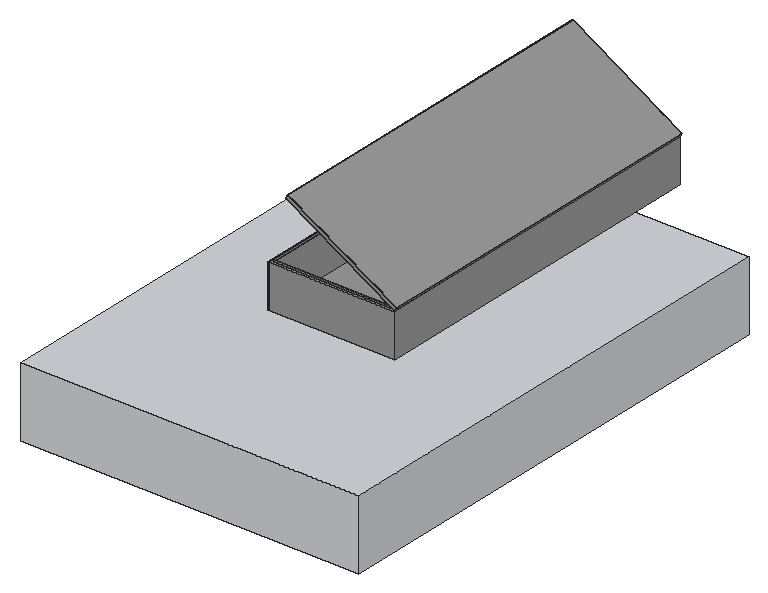
Revit family "Hager-Univers-IP54-D205-H1550-Cl.I-Encl-CH-en", category Equipement électrique, Revit 2020
Family settings
  Hôte = Face
  Configuration du panneau = Deux colonnes, circuits au sein
  Cote de connecteur circulaire = Utiliser le diamètre
  Type d'élément = Tableau de raccordement
  Couper avec des vides une fois chargée = Non
  Partagée = Non
  Point de calcul de pièce = Non
Parameters (values of type "Surface mounted (plaster) IP54 W550 H1550 D205  - FP02TW2")
  Width Control [instance] = if([EF000008 - Width] > Min Width, [EF000008 - Width], Min Width)  # 550 mm
  Commentaires du type = [HG000003 - Range]  # "Univers"
  Thickness Door [instance] = if([EF009171 - Material plate thickness door/cover] > 3 mm, 3 mm, [EF009171 - Material plate thickness door/cover])  # 1 mm
  Seal Frame Offset [instance] = 17 mm  # constant formula
  Plinth Visibility [instance] = [HG000027 - Plinth height] > 0 mm  # no
  Model = ""
  Min Width [instance] = 100 mm  # constant formula
  Min Height [instance] = 100 mm  # constant formula
  Min Depth [instance] = (2 * [EF009170 - Material plate thickness cabinet]) + 1 mm  # 3 mm
  Internal Frame Depth [instance] = (Door System Depth * 0.5)  # 9 mm
  Height Control [instance] = if([EF000040 - Height] > Min Height, [EF000040 - Height], Min Height)  # 1550 mm
  HG000027 - Plinth height = 0 mm
  HG000026 - Floor standing = no
  HG000024 - Bottom section height = 800 mm
  HG000023 - Double section enclosure = no
  HG000016 - Door 3d visibility [instance] = yes
  HG000015 - Clearance visibility [instance] = no
  HG000014 - Door on the right [instance] = yes
  HG000013 - Door on the left [instance] = not([HG000014 - Door on the right])  # no
  HG000012 - Door swing angle [instance] = 30.00°
  HG000010 - Asymmetric doors = no
  HG000009 - Double swing door = no
  HG000006 - Flush mounted = no
  HG000004 - Manufacturer reference = "FP02TW2"
  HG000003 - Range = "Univers"
  HG000002 - With door or cover = yes
  Frame Offset Bottom [instance] = 10 mm  # constant formula
  Frame Offset [instance] = 15 mm  # constant formula
  EF015940 - Cover with overpressure release = no
  EF011959 - Degree of protection (NEMA) = ""
  EF009554 - Number of openings for flange plates = 4
  EF009212 - Cover model = "EV000116 - Closed"
  EF009171 - Material plate thickness door/cover = 1 mm
  EF009170 - Material plate thickness cabinet = 1 mm
  Fabricant = "Hager"  # constant formula
  EF008873 - Nominal current (In) = 250 A
  EF007800 - Suitable for lightning protection = no
  EF006306 - With lock = no
  EF006244 - Transparent cover/door = no
  EF005474 - Degree of protection (IP) = "EV006419 - IP54"
  EF004464 - Type of door = "EV002646 - Single"
  EF004427 - Number of modules = 240
  EF004293 - Impact strength = "EV006815 - IK09"
  EF003532 - Suitable for outdoor use = no
  EF002950 - Width in number of modular spacings = 24
  EF001613 - Circuit integrity = "EV000494 - None"
  EF001596 - Material housing = "EV000179 - Steel"
  EF001131 - Internal depth = 205 mm
  EF001088 - Extension possible = yes
  EF000437 - Number of conduit inlets = 4
  EF000339 - Type of cover = "EV001012 - Cover"
  EF000266 - Number of rows = 10
  EF000218 - Built-in depth = 205 mm
  EF000118 - With mounting plate = no
  EF000116 - RAL-number = "9010"
  EF000049 - Depth = 205 mm
  EF000040 - Height = 1550 mm
  EF000008 - Width = 550 mm
  EF000007 - Colour = "EV000202 - White"
  EF000003 - Mounting method = "EV000384 - Surface mounted (plaster)"
  Door System Leaf Tolerance [instance] = 1.5 mm  # constant formula
  Door System Depth [instance] = 18 mm  # constant formula
  Door Height [instance] = Height Control - [HG000027 - Plinth height]  # 1550 mm
  Depth Control [instance] = if([EF000049 - Depth] > Min Depth, [EF000049 - Depth], Min Depth)  # 205 mm
  Default Elevation = 0 mm
  Connector Offset [instance] = Height Control / 2  # 775 mm
  Bottom Top Plate Trim [instance] = 1.5 mm  # constant formula
  Plinth height Ctrl [instance] = if([HG000027 - Plinth height] > 0 mm, [HG000027 - Plinth height], 12 mm)  # 12 mm
Types (2, lengths in mm): name | Width Control | HG000004 - Manufacturer reference | EF009554 - Number of openings for flange plates | EF004427 - Number of modules | EF002950 - Width in number of modular spacings | EF000437 - Number of conduit inlets | EF000008 - Width
  Surface mounted (plaster) IP54 W300 H1550 D205  - FP01TW2 | 300 | "FP01TW2" | 2 | 120 | 12 | 2 | 300
  Surface mounted (plaster) IP54 W550 H1550 D205  - FP02TW2 | 550 | "FP02TW2" | 4 | 240 | 24 | 4 | 550
Reference planes
  plane 1 "Center (Front/Back)": y = 0
  plane 2: z = 0
  plane 3 "Center (Left/Right)": x = 0
  plane 4: z = 205
  plane 5: y = 1
  plane 6: y = 775
  plane 7: y = 0
  plane 8: y = 1550
  plane 9: z = 0
  plane 10: x = -260
  plane 11: x = 260
  plane 12: x = 259
  plane 13: x = -259
  plane 14: y = 1549
  plane 15: x = -258
  plane 16: x = -275
  plane 17: x = 258
  plane 18: x = 275
  plane 19: x = 274
  plane 20: x = -274
  plane 21: y = 11
  plane 22: y = 1550
  plane 23: y = 1534
  plane 24: z = 187
  plane 25: z = 1
  plane 26: z = 186
  plane 27: z = 204
Forms (mm)
  Extrusion 1, solid
    sketch origin (0, 0, 0) x (1, 0, 0) y (0, 1, 0)
      loop
        line (-702.964, 1305) -> (-702.964, -811.445) -> (766.763, -811.445) -> (766.763, 1305) -> (-702.964, 1305)
    from 0 to -304.8
  Extrusion 2, solid, material "Hager_Steel_RAL7035_Light_Grey", visible <- "Plinth Visibility", detail levels medium+fine
    sketch origin (0, 0, 0) x (1, 0, 0) y (0, 1, 0)
      loop
        line (-275, 0) -> (275, 0) -> (275, 12) -> (-275, 12) -> (-275, 0)
    from 0 to 187
  Extrusion 3, solid, material "Hager_Steel_RAL7035_Light_Grey", detail levels medium+fine
    sketch origin (0, 0, 0) x (1, 0, 0) y (0, 1, 0)
      loop
        line (-275, 0) -> (275, 0) -> (275, 1550) -> (-275, 1550) -> (-275, 0)
    from 0 to 187
  Extrusion 4, void
    sketch origin (0, 0, 0) x (1, 0, 0) y (0, 1, 0)
      loop
        line (-274, 1) -> (274, 1) -> (274, 1549) -> (-274, 1549) -> (-274, 1)
    from 1 to 186
  Extrusion 5, void
    sketch origin (-381.607, -4572, 187) x (0, -1, 0) y (-1, 0, 0)
      loop
        line (-4583, -122.607) -> (-6106, -122.607) -> (-6106, -640.607) -> (-4583, -640.607) -> (-4583, -122.607)
    from 0 to 1 <- "EF009170 - Material plate thickness cabinet"
  Extrusion 6, solid, material "Hager_Steel_RAL7035_Light_Grey", detail levels fine
    sketch origin (0, 0, 187) x (1, 0, 0) y (0, 1, 0)
      loop
        line (-259, 1534) -> (-259, 11) -> (259, 11) -> (259, 1534) -> (-259, 1534)
      loop
        line (-260, 10) -> (260, 10) -> (260, 1535) -> (-260, 1535) -> (-260, 10)
    from 0 to 9 <- "Internal Frame Depth"
  Extrusion 7, solid, material "Hager_Steel_RAL7035_Light_Grey", detail levels coarse
    sketch origin (0, 0, 0) x (1, 0, 0) y (0, 1, 0)
      loop
        line (-275, 0) -> (275, 0) -> (275, 1550) -> (-275, 1550) -> (-275, 0)
    from 0 to 205
  Sweep 8, void
    path in 3D
      loop
        line (-275, 12, 0) -> (275, 12, 0) -> (275, 12, 187) -> (-275, 12, 187) -> (-275, 12, 0)
    profile origin (-275, 12, 93.5) x (-1, 0, 0) y (0, -1, 0)
      loop
        line (0, 0) -> (0, 1.5) -> (-1.5, 1.5)
        arc (-1.5, 1.5) -> (-1.061, 0.439) -> (0, 0) r 1.5
Cuts and joins
  Extrusion 4, Extrusion 5 cuts Extrusion 3
  Sweep 8 cuts Extrusion 2
Lines and regions (mm)
  Masking region 1
    outline origin (0, 0, 0) x (1, 0, 0) y (0, 0, 1)
      loop
        line (-275, 205) -> (-275, 0) -> (275, 0) -> (275, 205) -> (-275, 205)
  Masking region 2, detail levels medium+fine
    outline origin (0, 140, 0) x (0, 1, 0) y (0, 0, 1)
      loop
        line (-140, 0) -> (1410, 0) -> (1410, 187) -> (-140, 187) -> (-140, 0)
  Masking region 3, not visible, detail levels medium+fine
    outline origin (0, 297.922, 0) x (0, 1, 0) y (0, 0, 1)
      loop
        line (488.578, 0) -> (528.578, 0) -> (528.578, 194)
        arc (528.578, 194) -> (525.649, 201.071) -> (518.578, 204) r 10
        line (518.578, 204) -> (488.578, 204) -> (488.578, 0)
  Masking region 4, detail levels coarse
    outline origin (0, 0, 180) x (0, 1, 0) y (0, 0, 1)
      loop
        line (0, -180) -> (1550, -180) -> (1550, 25) -> (0, 25) -> (0, -180)
  Masking region 5, visible <- "Plinth Visibility", detail levels medium+fine
    outline origin (0, 52.24, 12.345) x (0, 0, -1) y (0, 1, 0)
      loop
        line (10.845, -40.24) -> (-173.155, -40.24)
        arc (-173.155, -40.24) -> (-173.594, -41.301) -> (-174.655, -41.74) r 1.5
        line (-174.655, -41.74) -> (-174.655, -52.24) -> (12.345, -52.24) -> (12.345, -41.74)
        arc (12.345, -41.74) -> (11.285, -41.301) -> (10.845, -40.24) r 1.5
  Masking region 6, detail levels medium+fine
    outline origin (-381.607, -4572, 187) x (-1, 0, 0) y (0, -1, 0)
      loop
        line (-106.607, -6122) -> (-106.607, -4572) -> (-656.607, -4572) -> (-656.607, -6122) -> (-106.607, -6122)
  Masking region 7, visible <- "Plinth Visibility", detail levels medium+fine
    outline origin (-381.607, -4727, 187) x (-1, 0, 0) y (0, -1, 0)
      loop
        arc (-108.107, -4739) -> (-107.668, -4737.939) -> (-106.607, -4737.5) r 1.5
        line (-106.607, -4737.5) -> (-106.607, -4727) -> (-656.607, -4727) -> (-656.607, -4737.5)
        arc (-656.607, -4737.5) -> (-655.546, -4737.939) -> (-655.107, -4739) r 1.5
        line (-655.107, -4739) -> (-108.107, -4739)
  Masking region 8, detail levels coarse
    outline origin (-442.548, -4669.526, 187) x (-1, 0, 0) y (0, -1, 0)
      loop
        line (-167.548, -6219.526) -> (-167.548, -4669.526) -> (-717.548, -4669.526) -> (-717.548, -6219.526) -> (-167.548, -6219.526)
  sketch lines
    curve 1: line (-275, 12, 187) -> (-275, 12, 0)
    curve 2: line (275, 12, 187) -> (-275, 12, 187)
    curve 3: line (275, 12, 187) -> (275, 12, 0)
    curve 4: line (-275, 12, 0) -> (275, 12, 0)
Dimensions and locks
  "Depth Control": plane 4 to Extrusion 1
  "HG000027 - Plinth height": plane 1 "Center (Front/Back)" to plane 7
  "EF009170 - Material plate thickness cabinet": plane 5 to plane 7
  locked: connector elem to plane 3 "Center (Left/Right)"
  equal spacing: plane 8, plane 6, plane 7
  locked: connector elem to plane 6
  "EF009170 - Material plate thickness cabinet": plane 8 to plane 14
  "EF009170 - Material plate thickness cabinet": plane 10 to plane 13
  "EF009170 - Material plate thickness cabinet": plane 12 to plane 11
  "Frame Offset": plane 20 to plane 13
  "Frame Offset": plane 12 to plane 19
  "EF009170 - Material plate thickness cabinet": plane 16 to plane 20
  "EF009170 - Material plate thickness cabinet": plane 19 to plane 18
  "Seal Frame Offset": plane 16 to plane 15
  "Seal Frame Offset": plane 17 to plane 18
  "Frame Offset Bottom": plane 21 to plane 5
  "Frame Offset": plane 14 to plane 23
  equal spacing: plane 16, plane 3 "Center (Left/Right)", plane 18
  "Width Control": plane 16 to plane 18
  "EF009170 - Material plate thickness cabinet": plane 4 to plane 27
  "EF009170 - Material plate thickness cabinet": plane 24 to plane 26
  "EF009170 - Material plate thickness cabinet": plane 25 to level
  "Door System Depth": plane 4 to plane 24
  "Height Control": plane 1 "Center (Front/Back)" to Extrusion 7 sketch curve
  "Height Control": Masking region 4 sketch curve to plane 1 "Center (Front/Back)"
  "Height Control": plane 1 "Center (Front/Back)" to plane 22
  "Bottom Top Plate Trim": profile plane to Sweep 8 sketch curve
  "Bottom Top Plate Trim": Sweep 8 sketch curve to profile plane
  "Plinth height Ctrl": plane 1 "Center (Front/Back)" to Extrusion 2 sketch curve
  "Plinth height Ctrl": Masking region 5 sketch curve to plane 1 "Center (Front/Back)"
  "Plinth height Ctrl": plane 1 "Center (Front/Back)" to Masking region 7 sketch curve
  "Thickness Door": Extrusion 6 sketch curve to Extrusion 6 sketch curve  (x3)
  "Thickness Door": cut or joined group of Extrusion 3, Extrusion 4, Extrusion 5 to Extrusion 6 sketch curve
  radius of Masking region 3 sketch curve = 10 mm
  "Bottom Top Plate Trim": radius of Masking region 5 sketch curve  (x2)
  "Bottom Top Plate Trim": radius of Sweep 8 sketch curve
  "Bottom Top Plate Trim": radius of Masking region 7 sketch curve  (x2)
  aligned and locked: plane 2 to Extrusion 1
  aligned and locked: level to Extrusion 1
  aligned and locked: level to Masking region 1 sketch curve
  aligned and locked: Masking region 1 sketch curve to plane 18
  aligned and locked: Masking region 1 sketch curve to plane 16
  aligned and locked: plane 7 to Masking region 2 sketch curve
  aligned and locked: level to Masking region 3 sketch curve
  aligned and locked: Masking region 3 sketch curve to plane 27
  aligned and locked: level to Masking region 2 sketch curve
  aligned and locked: plane 1 "Center (Front/Back)" to Extrusion 2 sketch curve
  aligned and locked: Extrusion 3 sketch curve to plane 7
  aligned and locked: plane 16 to Extrusion 3 sketch curve
  aligned and locked: plane 18 to Extrusion 3 sketch curve
  aligned and locked: plane 20 to Extrusion 4 sketch curve
  aligned and locked: plane 19 to Extrusion 4 sketch curve
  aligned and locked: Extrusion 4 sketch curve to plane 5
  aligned and locked: Extrusion 4 to plane 25
  aligned and locked: plane 26 to Extrusion 4
  aligned and locked: plane 24 to Extrusion 3
  aligned and locked: Extrusion 5 sketch curve to plane 21
  aligned and locked: Extrusion 5 sketch curve to plane 13
  aligned and locked: Extrusion 5 sketch curve to plane 12
  aligned and locked: plane 18 to Extrusion 7 sketch curve
  aligned and locked: plane 1 "Center (Front/Back)" to Extrusion 7 sketch curve
  aligned and locked: plane 16 to Extrusion 7 sketch curve
  aligned and locked: plane 4 to Extrusion 7
  aligned and locked: Extrusion 7 to level
  aligned and locked: level to Masking region 4 sketch curve
  aligned and locked: Masking region 4 sketch curve to plane 1 "Center (Front/Back)"
  aligned and locked: Masking region 4 sketch curve to plane 4
  aligned and locked: nested 1 to level
  aligned and locked: nested 1 to plane 16
  aligned and locked: plane 8 to Extrusion 3 sketch curve
  aligned and locked: plane 23 to Extrusion 5 sketch curve
  aligned and locked: plane 14 to Extrusion 4 sketch curve
  aligned and locked: Masking region 2 sketch curve to plane 8
  aligned and locked: level to Masking region 5 sketch curve
  aligned and locked: plane 16 to Extrusion 2 sketch curve
  aligned and locked: plane 18 to Extrusion 2 sketch curve
  aligned and locked: Masking region 5 sketch curve to plane 24
  aligned and locked: Masking region 2 sketch curve to plane 24
  aligned and locked: plane 24 to Extrusion 2
  aligned and locked: profile plane to Sweep 8 sketch curve  (x2)
  aligned and locked: Masking region 6 sketch curve to plane 18
  aligned and locked: Masking region 6 sketch curve to plane 22
  aligned and locked: Masking region 6 sketch curve to plane 16
  aligned and locked: plane 8 to plane 22
  aligned and locked: plane 7 to Masking region 6 sketch curve
  aligned and locked: Masking region 7 sketch curve to plane 16
  aligned and locked: Masking region 7 sketch curve to plane 1 "Center (Front/Back)"
  aligned and locked: Masking region 7 sketch curve to plane 18
  aligned and locked: Masking region 8 sketch curve to plane 1 "Center (Front/Back)"
  aligned and locked: Masking region 8 sketch curve to plane 18
  aligned and locked: Masking region 8 sketch curve to plane 22
  aligned and locked: Masking region 8 sketch curve to plane 16
  aligned and locked: nested 2 to plane 7
  aligned and locked: plane 3 "Center (Left/Right)" to nested 2
  aligned and locked: nested 2 to plane 24
  aligned and locked: Extrusion 6 sketch curve to cut or joined group of Extrusion 3, Extrusion 4, Extrusion 5  (x4)
Automatic sketch dimensions
  Extrusion 1 sketch curve to Extrusion 1 sketch curve = 1469.727 mm
  Extrusion 1 sketch curve to Extrusion 1 sketch curve = 2116.445 mm
  Masking region 1 sketch curve to plane 4 = 0 mm
  plane 6 to Masking region 3 sketch curve = 11.5 mm
  Masking region 3 sketch curve to Masking region 3 sketch curve = 30 mm
  Masking region 5 sketch curve to plane 1 "Center (Front/Back)" = 0 mm
Nested families
  nested 1: "Hager_Enclosure_Symbol" at (-275, 0, 0) x (1, 0, 0) z (0, -1, 0), Height <- "Depth Control", Width <- "Width Control", type "Hager_Enclosure_Symbol"
    with Width_Ctrl 550 mm, Width 550 mm, Height_Ctrl 205 mm, Height 205 mm, A_Width_Int 13.453 mm, A_Width 161.438 mm, A_Height_Ctrl 179.375 mm, A_Height 179.375 mm
  nested 2: "EC000058_Univers_Door" at (0, 0, 187) x (1, 0, 0) z (0, 1, 0), Leaf_Tolerance <- "Door System Leaf Tolerance", Angle <- "HG000012 - Door swing angle", Door_Depth <- "Door System Depth", Door_Left <- "HG000013 - Door on the left", Transparent <- "EF006244 - Transparent cover/door", Assymetrical <- "HG000010 - Asymmetric doors", Width <- "Width Control", Clearance <- "HG000015 - Clearance visibility", Double <- "HG000009 - Double swing door", 3d_Door <- "HG000016 - Door 3d visibility", Lock_Visibility <- "EF006306 - With lock", Width_Ctrl <- "Width Control", Door_Right <- "HG000014 - Door on the right", Door <- "HG000002 - With door or cover", Height <- "Door Height", Thickness <- "Thickness Door", type "EC000058_Univers_Door", detail levels medium+fine
    with min_wh 3 mm, Width_Ctrl 550 mm, Width 550 mm, Transparent no, Thickness 1 mm, Seal_Material Hager_Rubber, Lock_Visibility no, Lock_Material Hager_Plastic_RAL9005_Jet_Black, Leaf_Width 550 mm, Leaf_Tolerance_External_Sides 0 mm, Leaf_Tolerance 1.5 mm, Leaf_Offset 0 mm, Leaf_Height 1547 mm, Leaf_2_Width 550 mm, Leaf_2_Offset 275 mm, Leaf_1_Width 550 mm, Leaf_1_Offset 275 mm, Height_Ctrl 1550 mm, Height 1550 mm, Glass_Material Hager_Glass, Double_Clearance_Ctrl no, Double no, Door_Right_Ctrl yes, Door_Right yes, Door_Material Hager_Steel_RAL7035_Light_Grey, Door_Left_Ctrl no, Door_Left no, Door_Depth 18 mm, Door yes, Clearance_Material Hager_Clearance, Clearance_Depth 550 mm, Clearance_Ctrl no, Clearance no, Assymetrical no, Angle 30.00°, 3d_Door yes
Connectors
  electrical at (0, 775, 0)
    settings: on plane 9, index 1, voltage 0 V, apparent load 0 VA, apparent load phase1 0 VA, apparent load phase2 0 VA, apparent load phase3 0 VA, power factor 1, load classification "Other", number of poles 1, system type 30, power factor state 1, is connector primary yes, connector utility no, sub classification motor no, connector description ""
Definition of nested family "EC000058_Univers_Door"
  Parameters (values of type "EC000058_Univers_Door")
    min_wh [instance] = (2 * Thickness) + 1 mm  # 11 mm
    Width_Ctrl [instance] = 400 mm
    Width [instance] = 500 mm
    Transparent [instance] = yes
    Thickness [instance] = 5 mm
    Seal_Material [instance] = none
    Lock_Visibility [instance] = yes
    Lock_Material [instance] = none
    Leaf_Width [instance] = if((Width_Ctrl - 2 * Leaf_Tolerance_External_Sides) > 0 mm, (Width_Ctrl - 2 * Leaf_Tolerance_External_Sides), min_wh)  # 400 mm
    Leaf_Tolerance_External_Sides [instance] = 0 mm  # constant formula
    Leaf_Tolerance [instance] = 1.5 mm
    Leaf_Offset [instance] = 0 mm  # constant formula
    Leaf_Height [instance] = if((Height_Ctrl - 2 * Leaf_Tolerance) > 0 mm, (Height_Ctrl - 2 * Leaf_Tolerance), min_wh)  # 497 mm
    Leaf_2_Width [instance] = if(and(and(Double, Assymetrical), Door_Left), (Leaf_Width / 3) - (Leaf_Tolerance / 2), if(and(and(Double, Assymetrical), Door_Right), (Leaf_Width / 3) * 2 - (Leaf_Tolerance / 2), if(and(Double, not(Assymetrical)), (Leaf_Width / 2) - Leaf_Tolerance, Leaf_Width)))  # 400 mm
    Leaf_2_Offset [instance] = if(and(Double, Assymetrical), Leaf_2_Width / 2, if(and(Double, not(Assymetrical)), Leaf_Width / 4, Leaf_Width / 2))  # 200 mm
    Leaf_1_Width [instance] = if(and(and(Double, Assymetrical), Door_Right), (Leaf_Width / 3) - (Leaf_Tolerance / 2), if(and(and(Double, Assymetrical), Door_Left), (Width / 3) * 2 - (Leaf_Tolerance / 2), if(and(Double, not(Assymetrical)), (Leaf_Width / 2) - Leaf_Tolerance, Leaf_Width)))  # 400 mm
    Leaf_1_Offset [instance] = if(and(Double, Assymetrical), Leaf_1_Width / 2, if(and(Double, not(Assymetrical)), Leaf_Width / 4, Leaf_Width / 2))  # 200 mm
    Height_Ctrl [instance] = if(Height > min_wh, Height, min_wh)  # 500 mm
    Height [instance] = 500 mm
    Glass_Material [instance] = none
    Double_Clearance_Ctrl [instance] = and(Double, Clearance)  # no
    Double [instance] = no
    Door_Right_Ctrl [instance] = and(or(Door_Right, Double), Door)  # yes
    Door_Right [instance] = yes
    Door_Material [instance] = none
    Door_Left_Ctrl [instance] = and(or(Door_Left, Double), Door)  # no
    Door_Left [instance] = no
    Door_Depth [instance] = 30 mm
    Door [instance] = yes
    Default Elevation = 1219.2 mm
    Clearance_Material [instance] = none
    Clearance_Depth [instance] = if(Leaf_1_Width > Leaf_2_Width, Leaf_1_Width, Leaf_2_Width)  # 400 mm
    Clearance_Ctrl [instance] = and(not(Double), Clearance)  # yes
    Clearance [instance] = yes
    Assymetrical [instance] = yes
    Angle [instance] = 30.00°
    3d_Door [instance] = yes
  Reference planes
    plane 1 "Center (Front/Back)": y = 0
    plane 2 "Bottom": z = 0
    plane 3 "Center (Left/Right)": x = 0
    plane 4: z = 500
    plane 5: x = -200
    plane 6: x = 200
    plane 7: z = 500
    plane 8: x = -200
    plane 9: z = 0
    plane 10: x = 200
    plane 11: y = 0
    plane 12: z = 1.5
    plane 13: x = -600
    plane 14: y = -400
    plane 15: x = 600
    plane 16: x = 0
    plane 17: x = 0
    plane 18: x = -200
    plane 19: x = 200
    plane 20: z = 498.5
  Forms (mm)
    Extrusion 1, solid, material <- "Clearance_Material", visible <- "Double_Clearance_Ctrl"
      sketch origin (1200, 0, 0) x (1, 0, 0) y (0, 0, -1)
        loop
          line (-1800, -498.5) -> (-600, -498.5) -> (-600, 0) -> (-1800, 0) -> (-1800, -498.5)
      from 0 to -400
  Dimensions and locks
    equal spacing: plane 5, plane 3 "Center (Left/Right)", plane 6
    "Width_Ctrl": plane 5 to plane 6
    "Leaf_Offset": plane 5 to plane 8
    "Leaf_Offset": plane 6 to plane 10
    "Leaf_Offset": plane 9 to level
    "Leaf_Offset": plane 4 to plane 7
    "Height_Ctrl": plane 4 to level
    "Leaf_Tolerance": plane 12 to plane 9
    locked: plane 11 to plane 1 "Center (Front/Back)"
    "Leaf_1_Offset": plane 18 to plane 16
    "Leaf_2_Offset": plane 17 to plane 19
    "Leaf_1_Width": plane 13 to plane 8
    "Leaf_2_Width": plane 10 to plane 15
    "Clearance_Depth": plane 14 to plane 1 "Center (Front/Back)"
    "Leaf_Tolerance_External_Sides": plane 8 to plane 18
    "Leaf_Tolerance_External_Sides": plane 19 to plane 10
    "Leaf_Tolerance": plane 7 to plane 20
    aligned and locked: level to plane 2 "Bottom"
    aligned and locked: nested 1 to plane 16
    aligned and locked: nested 2 to plane 17
    aligned and locked: Extrusion 1 to plane 13
    aligned and locked: plane 15 to Extrusion 1
    aligned and locked: Extrusion 1 to plane 14
    aligned and locked: plane 12 to nested 1
    aligned and locked: nested 2 to plane 12
    aligned and locked: Extrusion 1 to plane 11
    aligned and locked: plane 20 to Extrusion 1
    aligned and locked: nested 2 to plane 11
    aligned and locked: nested 1 to plane 11
  Automatic sketch dimensions
    Extrusion 1 sketch curve to level = 0 mm
    plane 5 to Extrusion 1 sketch curve = 400 mm
    plane 6 to Extrusion 1 sketch curve = 400 mm
    Extrusion 1 sketch curve to plane 4 = 1.5 mm
  Nested families
    nested 1: "EC000058_Univers_Door_Leaf" at (0, 0, 1.5), Width <- "Leaf_1_Width", visible <- "Door_Left_Ctrl", Leaf_Height <- "Leaf_Height", Angle <- "Angle", 3d_Door <- "3d_Door", Transparent <- "Transparent", Clearance Material <- "Clearance_Material", Clearance <- "Clearance_Ctrl", Door_Material <- "Door_Material", Glass_Material <- "Glass_Material", Door_Depth <- "Door_Depth", Lock_Material <- "Lock_Material", Seal_Material <- "Seal_Material", Lock_Visibility <- "Lock_Visibility", Thickness <- "Thickness", type "EC000058_Univers_Door_Leaf"
      with Width 400 mm, Transparent_Glass_Offset 30 mm, Transparent_Ctrl yes, Transparent yes, Thickness 5 mm, Standard no, Seal_Material none, Seal_D2 8 mm, Seal_D1 1 mm, Offset_Internal_Frame 10 mm, Lock_Width 20 mm, Lock_Visibility_3d yes, Lock_Visibility yes, Lock_Thickness_3 3 mm, Lock_Thickness_2 1 mm, Lock_Thickness_1 3 mm, Lock_Radius_Offset_2 16 mm, Lock_Radius_Offset_1 15 mm, Lock_Radius_2 5 mm, Lock_Radius 6 mm, Lock_Offset 5 mm, Lock_Material none, Lock_Height 80 mm, Lock_Cover_Top_Offset_2d 17 mm, Lock_Cover_Height -65 mm, Leaf_Height 497 mm, Internal_Seal_Thickness 8 mm, Internal_Seal_Depth_2 4.5 mm, Internal_Frame_Depth 25 mm, Glass_Thickness -1 mm, Glass_Offset -2 mm, Glass_Material none, Door_Material none, Door_Depth 30 mm, Clearance Material none, Clearance yes, Angle_Ctrl 30.00°, Angle 30.00°, 3d_Door yes
    nested 2: "EC000058_Univers_Door_Leaf" at (0, 0, 1.5) x (-1, 0, 0) z (0, 0, 1), Width <- "Leaf_2_Width", visible <- "Door_Right_Ctrl", Leaf_Height <- "Leaf_Height", Angle <- "Angle", 3d_Door <- "3d_Door", Transparent <- "Transparent", Clearance Material <- "Clearance_Material", Clearance <- "Clearance_Ctrl", Door_Material <- "Door_Material", Glass_Material <- "Glass_Material", Door_Depth <- "Door_Depth", Lock_Material <- "Lock_Material", Seal_Material <- "Seal_Material", Lock_Visibility <- "Lock_Visibility", Thickness <- "Thickness", type "EC000058_Univers_Door_Leaf"
      with Width 400 mm, Transparent_Glass_Offset 30 mm, Transparent_Ctrl yes, Transparent yes, Thickness 5 mm, Standard no, Seal_Material none, Seal_D2 8 mm, Seal_D1 1 mm, Offset_Internal_Frame 10 mm, Lock_Width 20 mm, Lock_Visibility_3d yes, Lock_Visibility yes, Lock_Thickness_3 3 mm, Lock_Thickness_2 1 mm, Lock_Thickness_1 3 mm, Lock_Radius_Offset_2 16 mm, Lock_Radius_Offset_1 15 mm, Lock_Radius_2 5 mm, Lock_Radius 6 mm, Lock_Offset 5 mm, Lock_Material none, Lock_Height 80 mm, Lock_Cover_Top_Offset_2d 17 mm, Lock_Cover_Height -65 mm, Leaf_Height 497 mm, Internal_Seal_Thickness 8 mm, Internal_Seal_Depth_2 4.5 mm, Internal_Frame_Depth 25 mm, Glass_Thickness -1 mm, Glass_Offset -2 mm, Glass_Material none, Door_Material none, Door_Depth 30 mm, Clearance Material none, Clearance yes, Angle_Ctrl 30.00°, Angle 30.00°, 3d_Door yes
  Definition of nested family "EC000058_Univers_Door_Leaf"
    Parameters (values of type "EC000058_Univers_Door_Leaf")
      Width [instance] = 2000 mm
      Transparent_Glass_Offset [instance] = 30 mm
      Transparent_Ctrl [instance] = and(Transparent, [3d_Door])  # yes
      Transparent [instance] = yes
      Thickness [instance] = 5 mm
      Standard [instance] = and(not(Transparent), [3d_Door])  # no
      Seal_Material [instance] = none
      Seal_D2 [instance] = 8 mm  # constant formula
      Seal_D1 [instance] = 1 mm  # constant formula
      Offset_Internal_Frame [instance] = 10 mm  # constant formula
      Lock_Width [instance] = 20 mm  # constant formula
      Lock_Visibility_3d [instance] = and(Lock_Visibility, [3d_Door])  # yes
      Lock_Visibility [instance] = yes
      Lock_Thickness_3 [instance] = 3 mm  # constant formula
      Lock_Thickness_2 [instance] = 1 mm  # constant formula
      Lock_Thickness_1 [instance] = 3 mm  # constant formula
      Lock_Radius_Offset_2 [instance] = Lock_Radius_Offset_1 + 1 mm  # 16 mm
      Lock_Radius_Offset_1 [instance] = 15 mm  # constant formula
      Lock_Radius_2 [instance] = Lock_Radius - 1 mm  # 5 mm
      Lock_Radius [instance] = 6 mm  # constant formula
      Lock_Offset [instance] = 5 mm  # constant formula
      Lock_Material [instance] = none
      Lock_Height [instance] = 80 mm  # constant formula
      Lock_Cover_Top_Offset_2d [instance] = Lock_Radius_Offset_2 + 1 mm  # 17 mm
      Lock_Cover_Height [instance] = -(Lock_Height - Lock_Radius_Offset_1)  # -65 mm
      Leaf_Height [instance] = 2720.336 mm
      Internal_Seal_Thickness [instance] = 8 mm  # constant formula
      Internal_Seal_Depth_2 [instance] = 4.5 mm  # constant formula
      Internal_Frame_Depth [instance] = if(Door_Depth - Thickness > 5 mm, Door_Depth - Thickness, 5 mm)  # 25 mm
      Glass_Thickness [instance] = if(Thickness > 15 mm, Glass_Offset + 10 mm, -1 mm)  # -1 mm
      Glass_Offset [instance] = if(Thickness > 15 mm, -(Thickness + 10 mm) / 2, -2 mm)  # -2 mm
      Glass_Material [instance] = none
      Door_Material [instance] = none
      Door_Depth [instance] = 30 mm
      Default Elevation = 0 mm
      Clearance Material [instance] = none
      Clearance [instance] = yes
      Angle_Ctrl [instance] = if(Angle > 180.00°, 180.00°, Angle)  # 90.00°
      Angle [instance] = 90.00°
      3d_Door [instance] = yes
    Reference planes
      plane 1 "Center (Front/Back)": y = 0
      plane 2: z = 0
      plane 3 "Center (Left/Right)": x = 0
      plane 4: y = 2000
      plane 5: x = -1000
      plane 6: x = 1000
      plane 7: x = -3000
      plane 8: z = 2720.336
      plane 9: z = 30
      plane 10: z = 2690.336
      plane 11: x = 970
      plane 12: x = -970
      plane 13: y = -3
      plane 14: z = 107.833
      plane 15: y = -5
      plane 16: y = -223.314
      plane 17: x = -1000
      plane 18: z = 1360.168
      plane 19: y = 30
    Forms (mm)
      Extrusion 1, solid, material <- "Clearance Material", visible <- "Clearance"
        sketch origin (0, 0, 0) x (1, 0, 0) y (0, 0, 1)
          loop
            line (-3000, 2720.336) -> (-3000, 0) -> (1000, 0) -> (1000, 2720.336) -> (-3000, 2720.336)
        from 0 to -2000
      Extrusion 2, solid, material <- "Door_Material", visible <- "Standard", detail levels medium+fine
        sketch origin (-1000, 0, 0) x (0, 1, 0) y (-1, 0, 0)
          loop
            line (0, 30) -> (0, 25) -> (2000, 25) -> (2000, 30) -> (0, 30)
        from 0 to 2720.336 <- "Leaf_Height"
      Extrusion 3, solid, material <- "Door_Material", visible <- "Transparent_Ctrl", detail levels medium+fine
        sketch origin (-1000, 0, 0) x (0, 1, 0) y (-1, 0, 0)
          loop
            line (0, 25) -> (2000, 25) -> (2000, 30) -> (0, 30) -> (0, 25)
        from 0 to 2720.336 <- "Leaf_Height"
      Extrusion 4, void
        sketch origin (-1025, 2000, 0) x (0, 1, 0) y (0, 0, -1)
          loop
            line (-30, -2690.336) -> (-30, -30) -> (-1970, -30) -> (-1970, -2690.336) -> (-30, -2690.336)
        from 0 to 5 <- "Thickness"
      Sweep 5, solid, material <- "Seal_Material", visible <- "Transparent_Ctrl", detail levels fine
        path in 3D
          loop
            line (-1025, 30, 30) -> (-1025, 30, 2690.336) -> (-1025, 1970, 2690.336) -> (-1025, 1970, 30) -> (-1025, 30, 30)
        profile origin (-1025, 1000, 30) x (1, 0, 0) y (0, 0, 1)
          loop
            line (0, 0) -> (0, -8) -> (1, -8) -> (1, 0) -> (0, 0)
      Extrusion 6, solid, material <- "Glass_Material", visible <- "Transparent_Ctrl", detail levels medium+fine
        sketch origin (-1030, 0, 0) x (0, 1, 0) y (0, 0, -1)
          loop
            line (1970, -2690.336) -> (1970, -30) -> (30, -30) -> (30, -2690.336) -> (1970, -2690.336)
        from -2 <- "Glass_Offset" to -1 <- "Glass_Thickness"
      Extrusion 7, solid, material <- "Door_Material", visible <- "3d_Door", detail levels medium+fine
        sketch origin (-1025, 2000, 0) x (0, -1, 0) y (0, 0, -1)
          loop
            line (0, -2720.336) -> (2000, -2720.336) -> (2000, 0) -> (0, 0) -> (0, -2720.336)
          loop
            line (1995, -5) -> (5, -5) -> (5, -2715.336) -> (1995, -2715.336) -> (1995, -5)
        from 0 to 25 <- "Internal_Frame_Depth"
      Sweep 8, solid, material <- "Seal_Material", visible <- "Transparent_Ctrl", detail levels fine
        path in 3D
          loop
            line (-1025, 0, 0) -> (-1025, 2000, 0) -> (-1025, 2000, 2720.336) -> (-1025, 0, 2720.336) -> (-1025, 0, 0)
        profile origin (-1025, 0, 1360.168) x (1, 0, 0) y (0, 1, 0)
          loop
            line (0, 10) -> (2.975, 10)
            arc (2.975, 10) -> (4.053, 10.447) -> (4.5, 11.525) r 1.525
            line (4.5, 11.525) -> (4.5, 16.527)
            arc (4.5, 16.527) -> (4.069, 17.569) -> (3.027, 18) r 1.473
            line (3.027, 18) -> (0, 18) -> (0, 10)
      Extrusion 9, solid, material <- "Lock_Material", visible <- "Lock_Visibility_3d", detail levels fine
        sketch origin (-1030, 0, 0) x (0, 1, 0) y (0, 0, -1)
          loop
            arc (1993.5, -1400.168) -> (1994.561, -1399.729) -> (1995, -1398.668) r 1.5
            line (1995, -1398.668) -> (1995, -1320.168) -> (1975, -1320.168) -> (1975, -1398.668)
            arc (1975, -1398.668) -> (1975.439, -1399.729) -> (1976.5, -1400.168) r 1.5
            line (1976.5, -1400.168) -> (1993.5, -1400.168)
        from 3 <- "Lock_Thickness_1" to 0
      Blend 10, solid, material <- "Lock_Material", visible <- "Lock_Visibility_3d", detail levels fine
        base sketch origin (-1033, 0, 0) x (0, 1, 0) y (0, 0, -1)
          loop
            line (1975, -1320.168) -> (1975, -1398.668)
            arc (1975, -1398.668) -> (1975.439, -1399.729) -> (1976.5, -1400.168) r 1.5
            line (1976.5, -1400.168) -> (1993.5, -1400.168)
            arc (1993.5, -1400.168) -> (1994.561, -1399.729) -> (1995, -1398.668) r 1.5
            line (1995, -1398.668) -> (1995, -1320.168) -> (1975, -1320.168)
        top sketch origin (-1033, 0, 0) x (0, 1, 0) y (0, 0, -1)
          loop
            line (1976, -1320.168) -> (1976, -1398.668)
            arc (1976, -1398.668) -> (1976.146, -1399.022) -> (1976.5, -1399.168) r 0.5
            line (1976.5, -1399.168) -> (1993.5, -1399.168)
            arc (1993.5, -1399.168) -> (1993.854, -1399.022) -> (1994, -1398.668) r 0.5
            line (1994, -1398.668) -> (1994, -1320.168) -> (1976, -1320.168)
        from 0 to 1 <- "Lock_Thickness_2"
      Blend 11, solid, material <- "Lock_Material", visible <- "Lock_Visibility_3d", detail levels fine
        base sketch origin (-1034, 0, 0) x (0, 1, 0) y (0, 0, -1)
          loop
            line (1978, -1320.168) -> (1978, -1384.168)
            arc (1978, -1384.168) -> (1985, -1391.168) -> (1992, -1384.168) r 7
            line (1992, -1384.168) -> (1992, -1320.168) -> (1978, -1320.168)
        top sketch origin (-1034, 0, 0) x (0, 1, 0) y (0, 0, -1)
          loop
            line (1991, -1320.168) -> (1979, -1320.168) -> (1979, -1383.168)
            arc (1979, -1383.168) -> (1985, -1389.168) -> (1991, -1383.168) r 6
            line (1991, -1383.168) -> (1991, -1320.168)
        from 0 to 3 <- "Lock_Thickness_3"
      Extrusion 12, solid, material <- "Lock_Material", visible <- "Lock_Visibility_3d", detail levels fine
        sketch origin (-1030, 1975, 1320.168) x (1, 0, 0) y (0, -1, 0)
          loop
            line (-7, -19) -> (-7, -1) -> (0, -1) -> (0, 0) -> (-8, 0) -> (-8, -20) -> (0, -20) -> (0, -19) -> (-7, -19)
        from 0 to -65 <- "Lock_Cover_Height"
      Extrusion 13, void
        sketch origin (-1038, 1995, 1320.168) x (-1, 0, 0) y (0, 0, -1)
          loop
            line (-5, -65) -> (0, -65) -> (-5, -60) -> (-5, -65)
        from 0 to 20 <- "Lock_Width"
      Extrusion 14, void
        sketch origin (-1038, 1975, 1320.168) x (0, -1, 0) y (0, 0, -1)
          loop
            circle (-10, -15.995) r 6
          loop
            circle (-10, -15.995) r 5
        from 0 to 2
      Extrusion 15, solid, material <- "Lock_Material", visible <- "Lock_Visibility_3d", detail levels medium
        sketch origin (-1030, 0, 0) x (0, 1, 0) y (0, 0, -1)
          loop
            arc (1993.5, -1400.168) -> (1994.561, -1399.729) -> (1995, -1398.668) r 1.5
            line (1995, -1398.668) -> (1995, -1320.168) -> (1975, -1320.168) -> (1975, -1398.668)
            arc (1975, -1398.668) -> (1975.439, -1399.729) -> (1976.5, -1400.168) r 1.5
            line (1976.5, -1400.168) -> (1993.5, -1400.168)
        from 8 to 0
    Cuts and joins
      Extrusion 4 cuts Extrusion 3
      Extrusion 13, Extrusion 14 cuts Extrusion 9
      Extrusion 14 cuts Blend 11
      Extrusion 13, Extrusion 14 cuts Extrusion 12
      joined: Extrusion 9, Blend 10, Blend 11, Extrusion 12
      Extrusion 14 cuts Extrusion 15
    Lines and regions (mm)
      Masking region 1, visible <- "Lock_Visibility", detail levels fine
        outline origin (0, 0, 0) x (0, 1, 0) y (0, 0, 1)
          loop
            line (30, 1320.168) -> (33, 1320.168) -> (33, 1400.168) -> (30, 1400.168) -> (30, 1320.168)
      Masking region 2, visible <- "Lock_Visibility", detail levels fine
        outline origin (0, 3.143, 0) x (0, 1, 0) y (0, 0, 1)
          loop
            line (29.857, 1354.168) -> (30.857, 1354.168) -> (30.857, 1366.168) -> (29.857, 1366.168) -> (29.857, 1354.168)
      Masking region 3, detail levels medium+fine
        outline origin (0, 0, 0) x (0, 1, 0) y (0, 0, 1)
          loop
            line (0, 0) -> (30, 0) -> (30, 2720.336) -> (0, 2720.336) -> (0, 0)
      Masking region 4, detail levels medium+fine
        outline origin (0, 0, 0) x (1, 0, 0) y (0, 0, 1)
          loop
            line (-1000, 2720.336) -> (-1000, 0) -> (1000, 0) -> (1000, 2720.336) -> (-1000, 2720.336)
      Masking region 5, visible <- "Lock_Visibility", detail levels fine
        outline origin (-47.116, 0, 0) x (1, 0, 0) y (0, 0, 1)
          loop
            arc (1024.616, 1399.168) -> (1023.556, 1398.729) -> (1023.116, 1397.668) r 1.5
            line (1023.116, 1397.668) -> (1023.116, 1320.168) -> (1041.116, 1320.168) -> (1041.116, 1397.668)
            arc (1041.116, 1397.668) -> (1040.677, 1398.729) -> (1039.616, 1399.168) r 1.5
            line (1039.616, 1399.168) -> (1024.616, 1399.168)
      Masking region 6, visible <- "Lock_Visibility", detail levels medium+fine
        outline origin (-25, 0, 0) x (1, 0, 0) y (0, 0, 1)
          loop
            arc (1001.5, 1400.168) -> (1000.439, 1399.729) -> (1000, 1398.668) r 1.5
            line (1000, 1398.668) -> (1000, 1320.168) -> (1020, 1320.168) -> (1020, 1398.668)
            arc (1020, 1398.668) -> (1019.561, 1399.729) -> (1018.5, 1400.168) r 1.5
            line (1018.5, 1400.168) -> (1001.5, 1400.168)
      Masking region 7, visible <- "Lock_Visibility", detail levels fine
        outline origin (-73.735, 0, 0) x (1, 0, 0) y (0, 0, 1)
          loop
            line (1051.735, 1382.168) -> (1065.735, 1382.168) -> (1065.735, 1384.168)
            arc (1065.735, 1384.168) -> (1058.735, 1391.168) -> (1051.735, 1384.168) r 7
            line (1051.735, 1384.168) -> (1051.735, 1382.168)
      Masking region 8, visible <- "Lock_Visibility", detail levels fine
        outline origin (-73.735, 0, 0) x (1, 0, 0) y (0, 0, 1)
          loop
            line (1052.735, 1382.168) -> (1064.735, 1382.168) -> (1064.735, 1383.168)
            arc (1064.735, 1383.168) -> (1058.735, 1389.168) -> (1052.735, 1383.168) r 6
            line (1052.735, 1383.168) -> (1052.735, 1382.168)
      Masking region 9, visible <- "Lock_Visibility", detail levels fine
        outline origin (-25, 0, 0) x (1, 0, 0) y (0, 0, 1)
          loop
            line (1020, 1320.168) -> (1020, 1382.168) -> (1000, 1382.168) -> (1000, 1320.168) -> (1020, 1320.168)
      Masking region 10, detail levels medium+fine
        outline origin (0, 0, 0) x (1, 0, 0) y (0, 0, 1)
          loop
            circle (985, 1335.144) r 6
      Masking region 11, detail levels fine
        outline origin (0, 0, 0) x (1, 0, 0) y (0, 0, 1)
          loop
            circle (985, 1335.144) r 5
      Masking region 12, visible <- "Lock_Visibility", detail levels fine
        outline origin (0, 12.767, 0) x (0, 1, 0) y (0, 0, 1)
          loop
            line (20.233, 1320.168) -> (21.233, 1320.168) -> (21.233, 1399.168) -> (20.233, 1400.168) -> (20.233, 1320.168)
      Masking region 13, visible <- "Lock_Visibility", detail levels fine
        outline origin (0, 13.767, -10) x (0, 1, 0) y (0, 0, 1)
          loop
            line (20.233, 1330.168) -> (23.233, 1330.168) -> (23.233, 1399.168) -> (20.233, 1402.168) -> (20.233, 1330.168)
      Masking region 14, visible <- "Lock_Visibility", detail levels fine
        outline origin (0, 12.767, -10) x (0, 1, 0) y (0, 0, 1)
          loop
            line (20.233, 1330.168) -> (25.233, 1330.168) -> (25.233, 1399.305) -> (20.233, 1394.305) -> (20.233, 1330.168)
      Masking region 15, visible <- "Lock_Visibility", detail levels medium
        outline origin (0, 0, 0) x (0, 1, 0) y (0, 0, 1)
          loop
            line (30, 1320.168) -> (38, 1320.168) -> (38, 1400.168) -> (30, 1400.168) -> (30, 1320.168)
      Masking region 16, visible <- "Lock_Visibility", detail levels fine
        outline origin (-1000, 0, 0) x (0, 1, 0) y (-1, 0, 0)
          loop
            line (1975, 30) -> (1995, 30) -> (1995, 38) -> (1975, 38) -> (1975, 30)
          loop
            line (1979, 37) -> (1976, 37) -> (1976, 34) -> (1978, 34) -> (1979, 37)
          loop
            line (1994, 37) -> (1991, 37) -> (1992, 34) -> (1994, 34) -> (1994, 37)
      Masking region 17, visible <- "Lock_Visibility", detail levels medium
        outline origin (-1000, 0, 0) x (0, 1, 0) y (-1, 0, 0)
          loop
            line (1975, 30) -> (1995, 30) -> (1995, 38) -> (1975, 38) -> (1975, 30)
      symbolic lines
        curve 1: line (1000, 0, 0) -> (-3000, 0, 0)
        curve 2: arc (1000, 0, 0) -> (-1000, 2000, 0) -> (-3000, 0, 0) r 2000
        curve 4: line (-1030, 0, 0) -> (-1030, 2000, 0)
      reference lines
        curve 3: line (-1000, 0, 0) -> (-1000, 2000, 0)
      symbolic lines, detail levels medium+fine
        curve 5: line (-1030, 2000, 0) -> (-1025, 2000, 0)
        curve 7: line (-1025, 0, 0) -> (-1030, 0, 0)
        curve 8: line (-1025, 0, 0) -> (-1000, 0, 0)
        curve 9: line (-1000, 0, 0) -> (-1000, 2000, 0)
        curve 10: line (-1000, 2000, 0) -> (-1025, 2000, 0)
      symbolic lines, detail levels fine
        curve 6: line (-1025, 2000, 0) -> (-1025, 0, 0)
      sketch lines
        curve 11: line (-1025, 0, 2720.336) -> (-1025, 0, 0)
        curve 12: line (-1025, 2000, 0) -> (-1025, 0, 0)
        curve 13: line (-1025, 2000, 2720.336) -> (-1025, 2000, 0)
        curve 14: line (-1025, 0, 2720.336) -> (-1025, 2000, 2720.336)
        curve 15: line (-1025, 1970, 30) -> (-1025, 30, 30)
        curve 16: line (-1025, 30, 30) -> (-1025, 30, 2690.336)
        curve 17: line (-1025, 1970, 2690.336) -> (-1025, 1970, 30)
        curve 18: line (-1025, 30, 2690.336) -> (-1025, 1970, 2690.336)
      symbolic lines, visible <- "Transparent", detail levels medium+fine
        curve 19: line (-970, 0, 2690.336) -> (970, 0, 2690.336)
        curve 20: line (-970, 0, 30) -> (-970, 0, 2690.336)
        curve 21: line (970, 0, 30) -> (-970, 0, 30)
        curve 22: line (970, 0, 2690.336) -> (970, 0, 30)
    Dimensions and locks
      "Width": plane 1 "Center (Front/Back)" to plane 4
      equal spacing: plane 5, plane 3 "Center (Left/Right)", plane 6
      "Width": plane 5 to plane 6
      "Width": plane 7 to plane 5
      "Leaf_Height": plane 8 to level
      "Width": curve 5 to curve 3
      "Width": curve 3 to curve 3
      plane 8 to plane 10 = 30 mm
      plane 9 to level = 30 mm
      plane 12 to plane 5 = 30 mm
      plane 6 to plane 11 = 30 mm
      Extrusion 1 to Extrusion 4 sketch curve = 30 mm
      "Transparent_Glass_Offset": curve 3 to Extrusion 4 sketch curve
      "Transparent_Glass_Offset": Extrusion 4 sketch curve to cut or joined group of Extrusion 3, Extrusion 4  (x2)
      cut or joined group of Extrusion 3, Extrusion 4 to Extrusion 6 sketch curve = 30 mm
      "Transparent_Glass_Offset": cut or joined group of Extrusion 3, Extrusion 4 to Extrusion 4 sketch curve
      "Thickness": curve 6 to curve 4
      "Thickness": Extrusion 7 sketch curve to Extrusion 7 sketch curve  (x4)
      "Door_Depth": curve 4 to curve 3
      "Offset_Internal_Frame": profile plane to Sweep 8 sketch curve
      "Internal_Seal_Thickness": Sweep 8 sketch curve to Sweep 8 sketch curve
      "Internal_Seal_Depth_2": profile plane to Sweep 8 sketch curve
      "Seal_D1": profile plane to Sweep 5 sketch curve
      "Seal_D2": profile plane to Sweep 5 sketch curve
      "Thickness": Extrusion 2 sketch curve to Extrusion 2 sketch curve
      equal spacing: Extrusion 9 sketch curve, plane 18, Extrusion 9 sketch curve  (x2)
      equal spacing: Masking region 1 sketch curve, plane 18, Masking region 1 sketch curve
      "Lock_Height": Masking region 1 sketch curve to Masking region 1 sketch curve
      "Lock_Radius": Masking region 2 sketch curve to plane 18 to Masking region 2 sketch curve
      Masking region 2 sketch curve to Masking region 1 = 1 mm
      "Door_Depth": plane 19 to plane 1 "Center (Front/Back)"
      "Lock_Thickness_1": Masking region 1 sketch curve to plane 19
      "Lock_Width": Extrusion 9 sketch curve to Extrusion 9 sketch curve
      "Lock_Height": Extrusion 9 sketch curve to Extrusion 9 sketch curve
      "Lock_Offset": cut or joined group of Extrusion 3, Extrusion 4 to Extrusion 9 sketch curve
      equal spacing: plane 8, plane 18, level
      "Lock_Radius_Offset_1": Blend 11 sketch curve to Blend 10
      locked: Blend 10 to Blend 11 sketch curve at 2  (x2)
      locked: var sketch to Blend 11 sketch curve at 1  (x2)
      "Lock_Radius_Offset_2": Blend 11 sketch curve to Blend 10
      locked: Extrusion 12 sketch curve to Extrusion 12 sketch curve at 1  (x3)
      Masking region 6 sketch curve to Masking region 6 sketch curve = 80 mm
      "Lock_Height": Masking region 6 sketch curve to Masking region 6 sketch curve
      "Lock_Width": Masking region 6 sketch curve to Masking region 6 sketch curve
      locked: Masking region 6 to Masking region 5 sketch curve at 1  (x3)
      locked: Masking region 5 to Masking region 7 sketch curve at 2  (x2)
      "Lock_Radius_Offset_1": Masking region 5 to Masking region 7 sketch curve
      "Lock_Radius_Offset_2": Masking region 5 to Masking region 8 sketch curve
      locked: Masking region 7 to Masking region 8 sketch curve at 1  (x2)
      "Lock_Cover_Top_Offset_2d": Masking region 5 to Masking region 9 sketch curve
      equal spacing: Masking region 9, Masking region 10 sketch curve, Masking region 9
      equal spacing: Masking region 9, Masking region 11 sketch curve, Masking region 9
      Extrusion 15 sketch curve to Extrusion 15 sketch curve = 80 mm
      "Lock_Width": Extrusion 15 sketch curve to Extrusion 15 sketch curve
      "Lock_Height": Extrusion 15 sketch curve to Extrusion 15 sketch curve
      equal spacing: Extrusion 15 sketch curve, plane 18, Extrusion 15 sketch curve
      "Lock_Thickness_3": Masking region 13 sketch curve to Masking region 13 sketch curve
      "Lock_Height": Masking region 12 sketch curve to Masking region 12 sketch curve
      locked: Masking region 13 sketch curve to Masking region 1 at 8
      locked: Masking region 14 sketch curve to Masking region 13 at 1
      locked: Masking region 14 sketch curve to Masking region 1 at 10.863
      "Lock_Height": Masking region 15 sketch curve to Masking region 15 sketch curve
      "Lock_Offset": Extrusion 15 sketch curve to cut or joined group of Extrusion 3, Extrusion 4
      "Lock_Offset": plane 6 to Masking region 6 sketch curve
      radius of Sweep 8 sketch curve = 1.525 mm
      radius of Sweep 8 sketch curve = 1.473 mm
      radius of Extrusion 9 sketch curve = 1.5 mm  (x2)
      "Lock_Radius": radius of Extrusion 14 sketch curve
      "Lock_Radius_2": radius of Extrusion 14 sketch curve
      "Lock_Radius": radius of Masking region 10 sketch curve
      "Lock_Radius_2": radius of Masking region 11 sketch curve
      radius of Extrusion 15 sketch curve = 1.5 mm  (x2)
      "Angle_Ctrl": angle plane 1 "Center (Front/Back)" to curve 3
      locked: Masking region 12 sketch curve to Masking region 12 sketch curve (angle 45.00°)
      locked: Masking region 13 sketch curve to Masking region 13 sketch curve (angle 45.00°)
      locked: Masking region 14 sketch curve to Masking region 14 sketch curve (angle 45.00°)
      aligned and locked: level to plane 2
      aligned and locked: Extrusion 1 to curve 1
      aligned and locked: plane 6 to Extrusion 1
      aligned and locked: Extrusion 1 to plane 1 "Center (Front/Back)"
      aligned and locked: plane 4 to Extrusion 1
      aligned and locked: plane 8 to Extrusion 1
      aligned and locked: curve 7 to Extrusion 2 sketch curve
      aligned and locked: curve 5 to Extrusion 2 sketch curve
      aligned and locked: curve 7 to Extrusion 3 sketch curve
      aligned and locked: Extrusion 3 sketch curve to curve 4
      aligned and locked: Extrusion 3 sketch curve to curve 6
      aligned and locked: Extrusion 3 sketch curve to curve 5
      aligned and locked: curve 9 to curve 3
      aligned and locked: Extrusion 7 sketch curve to cut or joined group of Extrusion 3, Extrusion 4  (x4)
      aligned and locked: plane 17 to curve 3
      aligned and locked: plane 1 "Center (Front/Back)" to curve 3
      aligned and locked: plane 17 to plane 5
      aligned and locked: Sweep 8 sketch curve to profile plane
      aligned and locked: Sweep 5 sketch curve to profile plane  (x2)
      aligned and locked: Masking region 1 to Masking region 2 sketch curve
      aligned and locked: plane 19 to Masking region 1 sketch curve
      aligned and locked: plane 1 "Center (Front/Back)" to Masking region 3 sketch curve
      aligned and locked: plane 19 to Masking region 3 sketch curve
      aligned and locked: level to Masking region 3 sketch curve
      aligned and locked: Masking region 3 sketch curve to plane 8
      aligned and locked: plane 17 to Masking region 4 sketch curve
      aligned and locked: level to Masking region 4 sketch curve
      aligned and locked: Masking region 4 sketch curve to plane 8
      aligned and locked: plane 12 to curve 20
      aligned and locked: plane 10 to curve 19
      aligned and locked: plane 11 to curve 22
      aligned and locked: curve 21 to plane 9
      aligned and locked: Extrusion 2 sketch curve to cut or joined group of Extrusion 3, Extrusion 4
      aligned and locked: Blend 10 sketch curve to Extrusion 9  (x4)
      aligned and locked: Extrusion 9 to Blend 10 sketch curve
      aligned and locked: Blend 10 to Blend 11 sketch curve
      aligned and locked: Extrusion 12 sketch curve to Blend 11
      aligned and locked: Extrusion 12 sketch curve to Extrusion 9  (x4)
      aligned and locked: Masking region 5 sketch curve to Masking region 6
      aligned and locked: Masking region 9 sketch curve to Masking region 6  (x3)
      aligned and locked: Masking region 12 sketch curve to Masking region 1
      aligned and locked: Masking region 13 sketch curve to Masking region 1
      aligned and locked: Masking region 12 to Masking region 14
      aligned and locked: Masking region 14 sketch curve to Masking region 1
      aligned and locked: Masking region 15 sketch curve to Masking region 14
      aligned and locked: Masking region 13 sketch curve to Masking region 12
      aligned and locked: Masking region 16 sketch curve to cut or joined group of Extrusion 14, Extrusion 15  (x4)
      aligned and locked: Masking region 16 sketch curve to cut or joined group of Extrusion 9, Blend 10, Blend 11, Extrusion 12, Extrusion 13, Extrusion 14  (x6)
      aligned and locked: cut or joined group of Extrusion 9, Blend 10, Blend 11, Extrusion 12, Extrusion 13, Extrusion 14 to Masking region 16 sketch curve
      aligned and locked: Masking region 17 sketch curve to cut or joined group of Extrusion 14, Extrusion 15  (x3)
      aligned and locked: Masking region 17 sketch curve to cut or joined group of Extrusion 9, Blend 10, Blend 11, Extrusion 12, Extrusion 13, Extrusion 14
      aligned and locked: Masking region 9 to Masking region 8 sketch curve
      aligned and locked: Masking region 9 to Masking region 7 sketch curve
    Automatic sketch dimensions
      plane 1 "Center (Front/Back)" to curve 2 = 0 mm
      curve 2 to plane 5 = 0 mm
      Extrusion 1 sketch curve to level = 0 mm
      Extrusion 1 sketch curve to plane 7 = 0 mm
      Extrusion 1 sketch curve to plane 6 = 0 mm
      Extrusion 1 sketch curve to plane 8 = 0 mm
      Extrusion 3 to Extrusion 6 sketch curve = 30 mm  (x4)
      Masking region 4 sketch curve to plane 6 = 0 mm
      Blend 10 sketch curve to Extrusion 9 = 1.5 mm
      Blend 10 sketch curve to Extrusion 9 = 1 mm
      Extrusion 13 sketch curve to Extrusion 12 = 0 mm  (x2)
      Extrusion 12 to Extrusion 13 sketch curve = 3 mm
      Extrusion 13 sketch curve to Extrusion 12 = 5 mm
      Extrusion 14 sketch curve to Extrusion 14 sketch curve = 0 mm  (x2)
      Extrusion 14 sketch curve to Extrusion 12 = 10 mm
      Extrusion 14 sketch curve to Extrusion 12 = 15.995 mm
      Masking region 5 sketch curve to Masking region 5 sketch curve = 1.5 mm  (x2)
      Masking region 10 sketch curve to plane 18 = 25.024 mm
      Masking region 11 sketch curve to plane 18 = 25.024 mm
      plane 19 to Masking region 14 sketch curve = 3 mm
      Masking region 16 sketch curve to Masking region 16 sketch curve = 3 mm
      curve 4 to curve 3 = 0 mm
      Blend 10 to Blend 11 sketch curve = 0 mm
      Masking region 6 sketch curve to Masking region 6 sketch curve = 1.5 mm  (x2)
      Masking region 6 sketch curve to plane 18 = 40 mm
      plane 19 to Masking region 12 sketch curve = 3 mm
      Masking region 12 sketch curve to Masking region 12 sketch curve = 1 mm
      Masking region 15 sketch curve to plane 19 = 0 mm
      Masking region 15 sketch curve to plane 18 = 40 mm
      radius of Blend 10 sketch curve to Extrusion 9 = 1 mm
Definition of nested family "Hager_Enclosure_Symbol"
  Parameters (values of type "Hager_Enclosure_Symbol")
    Width_Ctrl [instance] = if(Width > 1 mm, Width, 1 mm)  # 102.27 mm
    Width [instance] = 102.27 mm
    Height_Ctrl [instance] = if(Height > 1 mm, Height, 1 mm)  # 66.5 mm
    A_Width_Int [instance] = if(A_Width / 12 > 2 mm, A_Width / 12, 2 mm)  # 4.364 mm
    A_Width [instance] = if(A_Height_Ctrl * 0.9 > 2 mm, A_Height_Ctrl * 0.9, 2 mm)  # 52.369 mm
    A_Height_Ctrl [instance] = if(A_Height > 2 mm, A_Height, 2 mm)  # 58.188 mm
    Height [instance] = 66.5 mm
    A_Height [instance] = Height - (Height / 8)  # 58.188 mm
  Reference planes
    plane 1 "Centre (avant/arrière)": y = 0
    plane 2: z = 0
    plane 3 "Centre (gauche/droite)": x = 0
    plane 4: x = 52.369
    plane 5: y = 33.042
    plane 6: y = 41.77
    plane 7: y = 66.5
    plane 8: x = 26.184
    plane 9: y = 37.406
    plane 10: x = 102.27
    plane 11: y = 66.5
    plane 12: y = 8.313
  Lines and regions (mm)
    Filled region 1, type "Solid_Black", in view "Niveau de réf."
      outline origin (0, 0, 0) x (1, 0, 0) y (0, 1, 0)
        loop
          line (52.369, 66.5) -> (33.188, 54.536) -> (45.365, 45.006) -> (52.369, 66.5)
    Filled region 2, type "Solid_Black", in view "Niveau de réf."
      outline origin (0, 0, 0) x (1, 0, 0) y (0, 1, 0)
        loop
          line (0, 0) -> (102.27, 0) -> (102.27, 66.5) -> (0, 0)
    detail lines, in view "Niveau de réf."
      curve 1: line (0, 8.313, 0) -> (26.184, 41.77, 0)
      curve 2: line (26.184, 41.77, 0) -> (26.184, 33.042, 0)
      curve 3: line (26.184, 33.042, 0) -> (52.369, 66.5, 0)
  Dimensions and locks
    "A_Width": plane 3 "Centre (gauche/droite)" to plane 4
    equal spacing: plane 3 "Centre (gauche/droite)", plane 8, plane 4
    equal spacing: plane 6, plane 9, plane 5
    equal spacing: curve 3, Filled region 1 sketch curve, Filled region 1 sketch curve
    "Height_Ctrl": plane 1 "Centre (avant/arrière)" to plane 11
    "A_Height_Ctrl": plane 11 to plane 12
    equal spacing: plane 11, plane 9, plane 12
    "A_Width_Int": plane 6 to plane 9
    "Width_Ctrl": plane 3 "Centre (gauche/droite)" to plane 10
    angle Filled region 1 sketch curve to curve 3 = 20.00°
    angle curve 3 to Filled region 1 sketch curve = 20.00°
    locked: curve 3 to Filled region 1 sketch curve (angle 90.00°)
    aligned and locked: plane 10 to Filled region 2
    aligned and locked: plane 11 to Filled region 2 sketch curve
    aligned and locked: plane 10 to Filled region 2 sketch curve
    aligned and locked: plane 3 "Centre (gauche/droite)" to curve 1
    aligned and locked: plane 12 to curve 1
    aligned and locked: plane 7 to plane 11
  Automatic sketch dimensions
    Filled region 1 sketch curve to plane 4 = 0 mm
    Filled region 1 sketch curve to plane 7 = 0 mm
    plane 1 "Centre (avant/arrière)" to Filled region 2 sketch curve = 0 mm
    Filled region 2 sketch curve to plane 3 "Centre (gauche/droite)" = 0 mm
    curve 2 to plane 6 = 0 mm
    curve 2 to plane 8 = 0 mm
    curve 3 to plane 4 = 0 mm
    curve 2 to plane 5 = 0 mm
    curve 3 to plane 7 = 0 mm
